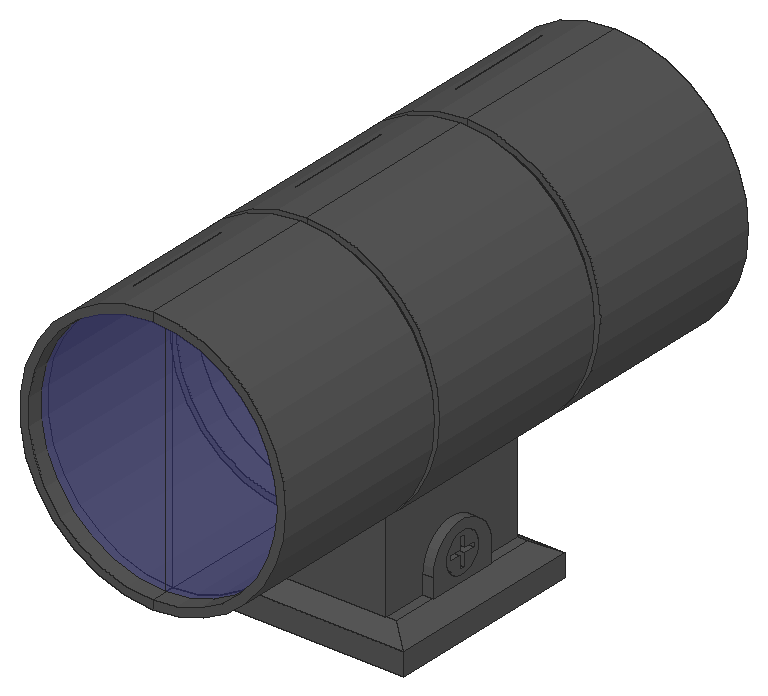
Revit family "CARLO CYLINDER LIGHT WALL MOUNT", category Lighting Fixtures, host Face, Revit 2020 (continued)
Types (10): name | Wattage_Input | Wattage Comments | Wattage | Photometric Web File | built-in parameter 1150142 | Model | built-in parameter 1150105 | Lumens | Light Length 1 | LIGHT RADIUS | LIGHT PLACEMENT | LIGHT LENGTH | LIGHT DIA | built-in parameter 1150106 | FIXED END HEIGHT | Curve base Height | Base Curve | BEAMING ANGLE | Apparent Load
    0.55841 \r\n 0.58905 0.61099 0.63344 0.66563 0.69985 0.72998 0.76057 0.79758 0.83635 0.87303 \r\n 0.91127 0.95372 0.99953 1.0489 1.1013 1.1552 1.2132 1.2787 1.3485 1.4172 \r\n 1.4947 1.592 1.701 1.8169 1.9411 2.0686 2.2138 2.3895 2.5951 2.8372 \r\n 3.1064 3.3878 3.7039 4.0789 4.493 4.9358 5.4034 5.886 6.3915 6.9339 \r\n 7.4852 8.0068 8.5448 9.1499 9.7695 10.358 10.945 11.545 12.149 12.748 \r\n 13.353 13.964 14.599 15.275 16.002 16.765 17.656 18.735 20.09 21.768 \r\n 23.959 26.348 30.504 37.666 48.521 65.327 84.608 103 122.42 144.49 \r\n 166.73 187.19 206.01 223.09 237.32 246.94 253.82 259.36 263.28 265.57 \r\n 266.93 268.08 268.99 269.81 270.71 271.93 273.34 274.9 276.66 278.7 \r\n 280.96 283.43 286.05 288.63 291.5 295.16 298.95 302.23 305.51 309.19 \r\n 312.96 316.59 320.18 323.74 327.35 331.16 335.05 338.72 342.75 347.59 \r\n 353.27 359.74 367.65 377.36 389.66 405.25 424.68 448.18 477.43 514.31 \r\n 558.56 608.18 670.37 756.52 852.14 945.08 1039.7 1129.2 1234.6 1380.4 \r\n 1549.2 1733.6 1927.9 2124.1 2321.5 2517.8 2710.1 2896.1 3071.6 3233.9 \r\n 3376.2 3490.1 3578.5 3639.2 3678.8 3701 3712 3719.7 3723.5 3726.3 \r\n 3733.6 \r\n3725 3746 3756.2 3762.1 3763.4 3759.6 3751.5 3738.6 3723.8 3712.3 \r\n 3697.4 3678.6 3643.2 3577.2 3484.9 3366.1 3220.6 3042.6 2849.3 2657.1 \r\n 2463.1 2271.8 2078.9 1877.3 1680.1 1496.5 1330.8 1195.1 1075.8 960.95 \r\n 857.71 770.46 695.62 631.34 576.82 530.94 492.77 461.27 435.58 414.69 \r\n 398.02 384.88 374.61 366.51 359.98 354.11 349.05 344.73 340.91 337.34 \r\n 334.01 330.82 327.84 325.12 322.6 320.34 318.08 315.57 312.92 310.08 \r\n 307.21 304.55 301.83 298.69 295.61 293.07 290.66 288.05 285.44 282.92 \r\n 280.48 278.16 275.88 273.5 271.15 269.95 266.76 257.84 246.06 232.96 \r\n 218.85 205.46 190.12 169.3 147.28 127.97 108.9 87.818 67.973 51.806 \r\n 39.468 32.916 29.164 25.695 23.064 21.033 19.47 18.168 17.107 16.203 \r\n 15.435 14.772 14.161 13.522 12.911 12.38 11.86 11.281 10.704 10.185 \r\n 9.6683 9.102 8.5363 8.0156 7.5057 6.9746 6.4602 6.0027 5.5626 5.1 \r\n 4.6554 4.26 3.9013 3.5778 3.2885 3.0342 2.8086 2.6065 2.4258 2.2645 \r\n 2.1173 1.9768 1.8471 1.7297 1.6251 1.5357 1.4565 1.3844 1.3165 1.2472 \r\n 1.1814 1.1229 1.0692 1.0197 0.97325 0.92824 0.88534 0.84466 0.80618 0.77051 \r\n 0.73589 0.70162 0.66881 0.63892 0.61023 0.58218 0.55277 0.51782 0.48331 0.45554 \r\n 0.42937 0.40097 0.37278 0.34606 0.32047 0.2967 0.27285 0.24649 0.21985 0.19484 \r\n 0.16997 0.14316 0.11806 0.099233 0.081892 0.061709 0.041887 0.023275 0.0085985 0.002258 \r\n 0.000070 0 0.000028 0.00034865 0.0026987 0.0096331 0.018962 0.028329 0.040794 0.060986 \r\n 0.08185 0.095088 0.10906 0.13151 0.15603 0.1781 0.19979 0.22144 0.24364 0.26716 \r\n 0.29171 0.31744 0.34383 0.37012 0.39716 0.4261 0.45518 0.48222 0.50961 0.54054 \r\n 0.57029 0.59258 0.61529 0.6465 0.67927 0.70785 0.73675 0.77098 0.80717 0.84318 \r\n 0.88033 0.91844 0.95977 1.0075 1.0586 1.11 1.1659 1.2315 1.3007 1.3649 \r\n 1.4367 1.5287 1.6319 1.741 1.8589 1.9828 2.1244 2.2947 2.4926 2.7231 \r\n 2.9788 3.2467 3.5492 3.9094 4.3113 4.7514 5.2156 5.6829 6.1711 6.7011 \r\n 7.2422 7.7569 8.2862 8.8736 9.473 10.045 10.614 11.191 11.772 12.353 \r\n 12.94 13.529 14.134 14.764 15.431 16.124 16.931 17.912 19.137 20.626 \r\n 22.592 24.832 28.623 34.747 44.495 60.573 79.519 98.319 118.33 140.55 \r\n 163.08 184.75 204.46 220.4 233.53 243.91 252.42 260.46 266.58 269.14 \r\n 270.19 271.33 272.26 273.17 274.16 275.43 276.87 278.41 280.09 281.93 \r\n 283.93 286.12 288.44 290.78 293.4 296.71 300.13 303.06 305.98 309.24 \r\n 312.6 315.97 319.34 322.65 326.01 329.58 333.23 336.73 340.58 345.22 \r\n 350.64 356.8 364.31 373.5 385.11 399.79 418.15 440.5 468.41 503.58 \r\n 545.94 594.28 653.75 732.48 820.32 908.66 1001 1092.3 1199.4 1342 \r\n 1506.4 1687.7 1879.9 2076.2 2273.5 2466.1 2654.8 2839.8 3017.8 3189.6 \r\n 3342.8 3463.6 3557.7 3624.7 3669.7 3695.3 3708.5 3717.1 3721.5 3725.1 \r\n 3733.6 \r\n3725 3746.1 3755 3759.5 3759.5 3754.7 3745.6 3731 3715.6 3707.4 \r\n 3695.5 3675.2 3636.3 3565.4 3468 3345.1 3197 3019.5 2826.7 2631.2 \r\n 2433 2237.7 2042 1841.2 1645.9 1462.7 1299.2 1172 1060.9 947.3 \r\n 843.59 757.62 684.22 620.95 567.42 522.78 485.97 455.99 431.76 412.02 \r\n 396.28 383.86 374.09 366.22 359.78 354.03 349.05 344.78 340.98 337.41 \r\n 334.08 330.93 327.98 325.24 322.68 320.36 318.04 315.52 312.85 309.96 \r\n 307.04 304.38 301.64 298.46 295.32 292.78 290.32 287.55 284.74 282.03 \r\n 279.41 276.94 274.48 271.84 269.18 267.5 264.11 256.08 245.02 231.23 \r\n 215.76 200.35 183.27 162.24 140.57 121.56 102.96 82.583 63.616 48.522 \r\n 37.256 31.619 28.545 25.29 22.692 20.74 19.238 17.991 16.978 16.124 \r\n 15.395 14.749 14.147 13.517 12.914 12.39 11.875 11.294 10.714 10.194 \r\n 9.6785 9.1113 8.5437 8.0198 7.5056 6.9677 6.4487 5.9962 5.5623 5.0991 \r\n 4.6545 4.2664 3.9157 3.5959 3.3067 3.0454 2.8131 2.6124 2.4351 2.2754 \r\n 2.1293 1.9895 1.8601 1.7424 1.6373 1.5476 1.4686 1.3982 1.3315 1.2609 \r\n 1.1936 1.136 1.0833 1.0322 0.98344 0.93627 0.89157 0.85013 0.81149 0.77624 \r\n 0.74207 0.70847 0.67609 0.64583 0.61651 0.5879 0.55807 0.52318 0.48873 0.46048 \r\n 0.43383 0.40527 0.37728 0.35151 0.32686 0.30313 0.27931 0.25399 0.22825 0.20294 \r\n 0.1775 0.15057 0.12545 0.10664 0.089325 0.069267 0.049296 0.029938 0.013864 0.0047809 \r\n 0.00011251 0 0.000017 0.00022471 0.0016001 0.0053111 0.010957 0.017633 0.028017 0.046877 \r\n 0.067029 0.080302 0.094433 0.11634 0.1403 0.16235 0.18415 0.20584 0.22805 0.2516 \r\n 0.27618 0.30217 0.32833 0.3526 0.37773 0.40684 0.43669 0.46439 0.49207 0.52208 \r\n 0.55091 0.57379 0.59694 0.62689 0.65795 0.68524 0.71273 0.74394 0.77721 0.81241 \r\n 0.84839 0.88224 0.91917 0.96512 1.015 1.0639 1.1176 1.1833 1.252 1.3123 \r\n 1.3789 1.4655 1.5629 1.6652 1.7769 1.8979 2.0365 2.2017 2.3917 2.6091 \r\n 2.8503 3.1058 3.3957 3.741 4.13 4.566 5.0255 5.4777 5.9484 6.4635 \r\n 6.992 7.5006 8.0214 8.5873 9.1625 9.7163 10.266 10.816 11.371 11.934 \r\n 12.501 13.067 13.639 14.22 14.828 15.455 16.183 17.077 18.184 19.485 \r\n 21.247 23.41 26.934 32.153 40.877 56.113 74.599 93.865 114.55 136.87 \r\n 159.59 182.28 202.72 217.61 229.79 241.01 251.21 261.8 270.18 273.07 \r\n 273.86 275.03 276.02 277.07 278.21 279.56 281.04 282.57 284.17 285.8 \r\n 287.53 289.4 291.41 293.48 295.81 298.71 301.69 304.23 306.76 309.54 \r\n 312.47 315.52 318.63 321.67 324.78 328.08 331.5 334.85 338.56 343 \r\n 348.19 354.09 361.26 370.01 381.05 394.94 412.37 433.71 460.39 493.92 \r\n 534.44 581.69 638.49 709.37 789.04 872.81 963.4 1058.1 1168.4 1307.7 \r\n 1467.3 1645.2 1834.8 2030.7 2227.6 2416.4 2601.6 2785.5 2965.5 3145.8 \r\n 3308.9 3436 3535.6 3608.9 3659.6 3689 3704.7 3714.5 3719.6 3724.1 \r\n 3733.6 \r\n3725 3746 3753.6 3756.6 3755.2 3749.3 3739.2 3723.3 3707.6 3702.3 \r\n 3692.9 3670.5 3627.6 3551.1 3448 3320.4 3169 2991.5 2798.8 2600.2 \r\n 2398.1 2198.8 2000.4 1800.4 1607.2 1425.1 1264.5 1145.6 1042.7 931.18 \r\n 827.75 743.15 671.14 609.1 556.82 513.61 478.29 449.9 427.16 408.63 \r\n 393.87 382.22 372.98 365.36 359.04 353.44 348.59 344.39 340.63 337.07 \r\n 333.75 330.67 327.78 325.04 322.45 320.08 317.73 315.21 312.56 309.66 \r\n 306.75 304.1 301.39 298.21 295.06 292.52 290.03 287.13 284.14 281.25 \r\n 278.43 275.79 273.11 270.21 267.19 264.8 260.95 253.7 243.37 229.1 \r\n 212.48 195.04 176.15 155 133.76 114.96 96.764 77.162 59.175 45.234 \r\n 35.096 30.36 27.935 24.895 22.334 20.457 19.011 17.818 16.854 16.047 \r\n 15.355 14.723 14.125 13.504 12.908 12.387 11.873 11.29 10.707 10.186 \r\n 9.6692 9.1013 8.5324 8.0058 7.488 6.9443 6.4217 5.9738 5.5458 5.083 \r\n 4.6392 4.2584 3.9157 3.6008 3.3131 3.0461 2.8079 2.6089 2.4352 2.2772 \r\n 2.1324 1.9941 1.8658 1.7487 1.6439 1.554 1.4752 1.4064 1.3412 1.2697 \r\n 1.2014 1.1446 1.0925 1.0402 0.98961 0.94066 0.89451 0.85265 0.81411 0.77927 \r\n 0.7455 0.7126 0.68075 0.65037 0.62063 0.5914 0.5611 0.52655 0.49247 0.46379 \r\n 0.43666 0.40807 0.38036 0.35543 0.33157 0.30772 0.28383 0.25955 0.23478 0.20916 \r\n 0.18316 0.15613 0.13104 0.11221 0.094886 0.074877 0.054847 0.035333 0.018526 0.0070773 \r\n 0.00015037 0 0.000005 0.000076 0.0005032 0.0011302 0.0033551 0.0078707 0.016636 0.03415 \r\n 0.053486 0.06693 0.081341 0.10263 0.12594 0.14797 0.16993 0.19168 0.21394 0.23749 \r\n 0.26205 0.28827 0.31418 0.33657 0.35991 0.38913 0.41963 0.4478 0.47563 0.50466 \r\n 0.53261 0.55623 0.57993 0.60845 0.63765 0.66402 0.69045 0.71878 0.74915 0.7834 \r\n 0.81822 0.84834 0.88145 0.92582 0.97456 1.0211 1.0727 1.138 1.2058 1.263 \r\n 1.3252 1.4066 1.4983 1.594 1.6998 1.8183 1.9543 2.1144 2.2965 2.5003 \r\n 2.7266 2.9707 3.2493 3.5797 3.9551 4.3852 4.8386 5.2765 5.7306 6.2292 \r\n 6.7434 7.2463 7.7593 8.3026 8.8523 9.3885 9.9194 10.443 10.971 11.516 \r\n 12.065 12.606 13.146 13.681 14.233 14.801 15.46 16.275 17.275 18.4 \r\n 19.976 22.098 25.407 29.844 37.608 51.835 69.667 89.371 110.71 133.06 \r\n 155.83 179.26 200.26 214.43 226.05 238.22 250.1 263.08 273.54 276.82 \r\n 277.45 278.68 279.74 280.95 282.25 283.71 285.24 286.77 288.3 289.74 \r\n 291.21 292.79 294.5 296.33 298.38 300.85 303.39 305.56 307.71 310.04 \r\n 312.53 315.26 318.09 320.85 323.69 326.73 329.92 333.14 336.73 340.97 \r\n 345.93 351.59 358.47 366.84 377.37 390.56 407.13 427.52 453.02 484.91 \r\n 523.59 569.72 623.9 687.12 758.87 838.26 927.36 1026.1 1140.1 1275.8 \r\n 1429.9 1603.8 1790.4 1985.5 2181.7 2367.3 2549.7 2732.7 2914.5 3102 \r\n 3273.7 3406.6 3511.6 3591.4 3648.1 3681.7 3700.5 3711.8 3717.7 3723.2 \r\n 3733.6 \r\n3725 3744.9 3751.5 3753.3 3750.6 3743.4 3732.4 3716.4 3701.4 3698.7 \r\n 3691.1 3666.8 3620 3538.6 3430.2 3298.1 3143.2 2964.1 2770.5 2570.5 \r\n 2366.8 2165 1964.6 1764.3 1572 1392 1234.4 1119.7 1021 912.23 \r\n 811.07 728.4 658.06 597.6 546.78 504.94 470.88 443.63 421.91 404.26 \r\n 390.25 379.19 370.4 363.05 356.92 351.54 346.88 342.8 339.14 335.64 \r\n 332.41 329.47 326.72 324.04 321.49 319.13 316.81 314.36 311.79 309.02 \r\n 306.21 303.63 300.97 297.85 294.74 292.19 289.66 286.7 283.65 280.7 \r\n 277.81 275.07 272.29 269.44 266.22 262.66 257.76 250.67 240.86 227.09 \r\n 210.59 191.96 171.83 150.6 129.55 110.54 92.268 73.19 55.978 42.914 \r\n 33.614 29.466 27.439 24.558 22.044 20.219 18.81 17.664 16.741 15.968 \r\n 15.3 14.672 14.074 13.461 12.872 12.349 11.829 11.243 10.658 10.137 \r\n 9.6204 9.0538 8.4867 7.9613 7.4443 6.8999 6.3771 5.932 5.5072 5.0456 \r\n 4.6028 4.2236 3.8835 3.5744 3.2917 3.0239 2.7837 2.5855 2.4133 2.2563 \r\n 2.1129 1.9767 1.8509 1.7364 1.6333 1.5431 1.4636 1.3957 1.3317 1.2613 \r\n 1.1936 1.1366 1.084 1.0317 0.98132 0.93232 0.88632 0.84528 0.8076 0.77304 \r\n 0.73944 0.7069 0.6755 0.64583 0.61655 0.58666 0.55579 0.52211 0.48898 0.46009 \r\n 0.43259 0.40427 0.37696 0.35243 0.32874 0.30424 0.27985 0.25643 0.23254 0.2065 \r\n 0.1799 0.15299 0.12807 0.10901 0.091403 0.07106 0.051263 0.033782 0.018966 0.007551 \r\n 0.000154 0 0 0 0 0 0 0.0042388 0.012902 0.029655 \r\n 0.048293 0.06179 0.076282 0.096959 0.11964 0.14159 0.16363 0.18544 0.20771 0.23107 \r\n 0.25538 0.28143 0.30704 0.32856 0.35109 0.38024 0.4108 0.43876 0.4662 0.4944 \r\n 0.52173 0.546 0.57011 0.59698 0.62439 0.65069 0.67699 0.70375 0.7323 0.76543 \r\n 0.79923 0.82804 0.85995 0.90366 0.95163 0.99675 1.0464 1.1088 1.1737 1.2291 \r\n 1.289 1.3663 1.453 1.5429 1.6433 1.7585 1.891 2.0455 2.2196 2.4109 \r\n 2.6237 2.857 3.1245 3.4405 3.8018 4.2212 4.6645 5.0908 5.5318 6.0136 \r\n 6.5125 7.01 7.517 8.0427 8.5739 9.1013 9.6232 10.129 10.636 11.17 \r\n 11.706 12.227 12.742 13.248 13.766 14.294 14.898 15.639 16.539 17.529 \r\n 18.937 20.923 23.927 27.677 34.467 47.174 63.782 83.706 105.54 127.66 \r\n 150.14 173.52 194.74 209.54 222.16 235.8 249.26 263.68 275.22 278.71 \r\n 279.25 280.55 281.68 283.02 284.45 286.01 287.6 289.13 290.61 292.02 \r\n 293.44 294.95 296.56 298.32 300.24 302.46 304.72 306.71 308.68 310.76 \r\n 312.97 315.38 317.9 320.39 322.98 325.76 328.73 331.8 335.22 339.16 \r\n 343.78 349.17 355.71 363.64 373.59 386 401.6 420.84 444.87 474.75 \r\n 511.18 555.44 606.88 664.58 730.69 806.36 893.62 994.79 1110.1 1239.5 \r\n 1385.8 1554.5 1737.3 1930.6 2126 2311.1 2493.9 2679 2864.1 3055.4 \r\n 3231.8 3370.5 3482.1 3569 3632.5 3671.8 3694.9 3708.6 3715.8 3722.4 \r\n 3733.6 \r\n3725 3742.8 3748.7 3749.5 3745.7 3737.1 3725.3 3710.4 3697.2 3696.4 \r\n 3689.6 3663.3 3613.1 3527.4 3414.4 3278.2 3119.5 2937.4 2741.7 2542.1 \r\n 2339.1 2136.5 1935 1733.5 1541 1364.2 1209.9 1094.8 995.81 890.66 \r\n 793.71 713.62 645.33 586.79 537.6 497.05 463.98 437.39 416.17 399.05 \r\n 385.53 374.89 366.46 359.38 353.49 348.39 343.98 340.08 336.56 333.19 \r\n 330.1 327.38 324.84 322.29 319.83 317.55 315.3 312.99 310.59 308.04 \r\n 305.45 302.97 300.38 297.38 294.37 291.78 289.2 286.28 283.28 280.39 \r\n 277.56 274.8 272.04 269.56 266.32 261.22 254.71 247.14 237.58 225.21 \r\n 210.04 191.17 170.45 149.19 128.07 108.41 89.605 70.792 54.13 41.645 \r\n 32.868 28.963 27.061 24.279 21.825 20.029 18.638 17.53 16.643 15.888 \r\n 15.228 14.596 13.993 13.389 12.806 12.274 11.744 11.155 10.569 10.048 \r\n 9.5324 8.9693 8.4069 7.8868 7.375 6.8353 6.3159 5.8716 5.447 4.9876 \r\n 4.5461 4.1629 3.8202 3.5174 3.2427 2.9793 2.7416 2.5433 2.3703 2.2137 \r\n 2.0717 1.9385 1.8163 1.706 1.6062 1.5155 1.4347 1.3669 1.3039 1.2362 \r\n 1.1708 1.1125 1.0584 1.0075 0.9592 0.91188 0.86758 0.82856 0.79246 0.75791 \r\n 0.72424 0.69166 0.66059 0.63239 0.6044 0.57389 0.5424 0.51005 0.47837 0.44949 \r\n 0.42178 0.39398 0.36716 0.34255 0.31841 0.29278 0.26751 0.2447 0.22154 0.19498 \r\n 0.16778 0.1412 0.11664 0.097135 0.078986 0.057964 0.038694 0.025288 0.015053 0.0061177 \r\n 0.00012229 0 0 0 0 0 0 0.006263 0.016861 0.03352 \r\n 0.051541 0.064947 0.079301 0.099426 0.12156 0.14337 0.16541 0.18726 0.20948 0.23246 \r\n 0.25627 0.28181 0.30705 0.32877 0.35151 0.38041 0.41046 0.43754 0.46407 0.49161 \r\n 0.5186 0.54339 0.56773 0.59288 0.61865 0.6457 0.67277 0.69938 0.72733 0.7592 \r\n 0.79216 0.82216 0.8555 0.89949 0.9471 0.99165 1.0394 1.0967 1.1568 1.2116 \r\n 1.2714 1.3457 1.4283 1.5134 1.6089 1.7201 1.848 1.9964 2.1626 2.3432 \r\n 2.5444 2.7676 3.0243 3.3267 3.6733 4.0777 4.5071 4.9249 5.3571 5.8224 \r\n 6.3059 6.798 7.3009 7.8152 8.3363 8.8642 9.3867 9.8828 10.38 10.907 \r\n 11.437 11.943 12.442 12.938 13.443 13.951 14.519 15.188 15.993 16.894 \r\n 18.153 19.897 22.491 25.643 31.446 42.155 56.991 76.855 98.964 120.61 \r\n 142.47 165.04 186.16 202.95 218.08 233.64 248.52 263.38 274.96 278.54 \r\n 279.13 280.47 281.66 283.09 284.61 286.24 287.89 289.4 290.89 292.42 \r\n 293.99 295.64 297.38 299.22 301.19 303.34 305.51 307.53 309.53 311.59 \r\n 313.7 315.83 318.02 320.26 322.62 325.19 327.95 330.86 334.06 337.61 \r\n 341.8 346.84 353.01 360.44 369.72 381.29 395.78 413.64 435.91 463.44 \r\n 497.24 538.84 587.47 641.99 704.94 777.64 862.58 964.04 1077.9 1198.5 \r\n 1334.8 1497.2 1675.7 1866.3 2061 2248.1 2434.6 2624.7 2814.3 3006.2 \r\n 3183.6 3328.2 3447.4 3542.1 3613.2 3659.3 3687.9 3704.7 3713.8 3721.6 \r\n 3733.6 \r\n3725 3740.4 3745.5 3745.3 3740.5 3730.6 3718.2 3704.9 3693.5 3693.5 \r\n 3686.1 3656.9 3602.6 3512.3 3394.5 3253.8 3091.1 2905.4 2707.6 2508.7 \r\n 2307.1 2104.3 1902.2 1699.9 1507.8 1335.3 1185 1068.6 968.38 867.21 \r\n 775.2 697.96 631.9 575.51 528.13 488.96 456.92 430.96 410.18 393.57 \r\n 380.51 370.27 362.18 355.39 349.77 344.96 340.82 337.11 333.74 330.52 \r\n 327.57 325.07 322.75 320.33 317.97 315.78 313.64 311.47 309.27 306.98 \r\n 304.63 302.26 299.76 296.91 294.02 291.4 288.78 285.9 282.99 280.2 \r\n 277.44 274.68 271.94 269.85 266.59 259.94 251.72 243.41 233.88 222.92 \r\n 209.2 190.31 169.2 148 126.83 106.48 87.106 68.588 52.514 40.62 \r\n 32.345 28.581 26.704 24.008 21.624 19.857 18.484 17.41 16.554 15.812 \r\n 15.154 14.515 13.905 13.306 12.728 12.185 11.642 11.05 10.465 9.9417 \r\n 9.426 8.8668 8.31 7.7954 7.2894 6.7561 6.2416 5.7976 5.3726 4.9164 \r\n 4.4774 4.0903 3.7449 3.4487 3.1828 2.9258 2.6927 2.4947 2.321 2.1652 \r\n 2.0249 1.895 1.777 1.6715 1.5754 1.4845 1.4026 1.3348 1.2728 1.2082 \r\n 1.1455 1.0858 1.0301 0.98077 0.9349 0.88964 0.84732 0.81027 0.77562 0.74109 \r\n 0.70733 0.67462 0.64379 0.61715 0.59057 0.55954 0.52753 0.49657 0.46641 0.43764 \r\n 0.4098 0.38257 0.3562 0.33133 0.30654 0.27978 0.25361 0.23124 0.20865 0.18161 \r\n 0.1539 0.12778 0.10366 0.083725 0.065028 0.043369 0.024717 0.015538 0.010139 0.004205 \r\n 0.000082 0 0 0 0 0 0.00077829 0.0094943 0.022359 0.038964 \r\n 0.05633 0.069705 0.083995 0.10364 0.1253 0.147 0.16906 0.19096 0.21313 0.2357 \r\n 0.25898 0.28392 0.30881 0.33103
